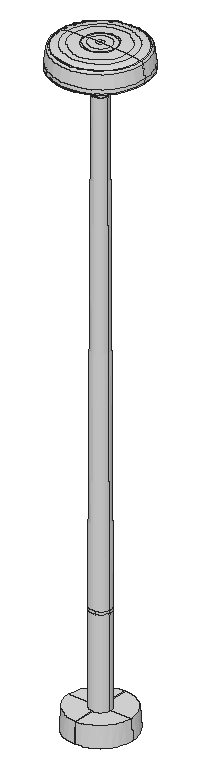
Revit family "Landscape-Forms_Motive_Area-Light", category Lighting Fixtures, Revit 2021
Family settings
  Round Connector Dimension = Use Diameter
  Part Type = Normal
  OmniClass Number = 23.80.70.14.21
  OmniClass Title = Street and Roadway Lighting
  Work Plane-Based = No
  Always vertical = Yes
  Cut with Voids When Loaded = No
  Light Source = Yes
  Shared = No
  Room Calculation Point = No
Parameters (values of type "10'")
  Wattage = 31.7017 W
  built-in parameter 1150110 = 1 (stored number, unit not read)
  URL = "https://www.landscapeforms.com/en-US/product/Pages/Motive-Area-Light.aspx"
  built-in parameter 1114217 = 1 (stored number, unit not read)
  Tilt Angle = 90.00°  # constant formula
  built-in parameter 1150109 = 1 (stored number, unit not read)
  built-in parameter 1150134 = 12
  TWIST-LOCK [instance] = no
  built-in parameter 1150113 = 1 (stored number, unit not read)
  Photometric Web File = "LF_Motive_Area_AJ500-LB-80F.ies"
  Model = "AJ500-10"
  Manufacturer = "Landscape Forms"
  built-in parameter 1150105 = 197.91 (stored number, unit not read)
  Lumens = 2487 lm
  built-in parameter 1150115 = 1 (stored number, unit not read)
  Load Classification = Lighting - Exterior
  built-in parameter 1150137 = (empty or 0)
  built-in parameter 1150139 = (empty or 0)
  built-in parameter 1150112 = 1 (stored number, unit not read)
  built-in parameter 1150114 = 1 (stored number, unit not read)
  built-in parameter 1150132 = 2
  built-in parameter 1150102 = (empty or 0)
  built-in parameter 1150107 = 4000 (stored number, unit not read)
  built-in parameter 1150138 = (empty or 0)
  built-in parameter 1150106 = 1.9791 (stored number, unit not read)
  Emit from Circle Diameter = 1' - 0"  # constant formula
  Emit Shape Visible in Rendering = no
  built-in parameter 1150104 = 7.2882 (stored number, unit not read)
  Dimming Lamp Color Temperature Shift = <None>
  Diffuser Lens = LANDSCAPE FORMS - DIFFUSER - ILLUMINATED - LED
  Description = "Motive Area Light, 10 ft."
  Voltage = 120 V
  Number of Poles = 1
  Default Elevation = 0' - 0"
  Color Filter = 16777215
  COVER PLATE [instance] = yes
  built-in parameter 1114218 = 1 (stored number, unit not read)
  built-in parameter 1150133 = 10 (stored number, unit not read)
  Assembly Code = "D5020280"
  Height = 10' - 0"
  Lamp = "LED Cartridge"
  Luminaire Powdercoat [instance] = LANDSCAPE FORMS - POWDERCOATED METAL - NEUTRAL SERIES (SILVER METALLIC)
  Pole Powdercoat [instance] = LANDSCAPE FORMS - POWDERCOATED METAL - NEUTRAL SERIES (SILVER METALLIC)
  Wattage Comments = "31.7"
  Apparent Load = 0 VA  # constant formula
Types (3): name | Description | COVER PLATE | Height
  (no name) | "Motive Area Light, 10 ft." | yes | 10' - 0"
  10' | "Motive Area Light, 10 ft." | yes | 10' - 0"
  12' | "Motive Area Light, 12 ft." | no | 12' - 0"
Reference planes (in)
  plane 1 "Light Source Axis FB": y = 0
  plane 2: z = 0
  plane 3 "POLE": x = 0
  plane 4 "LIGHT SOURCE": z = 120
  plane 5: z = 3
  plane 6: z = 0.75
  plane 7: y = 4.80951
  plane 8: y = -4.80951
  plane 9: z = 2.80866
  plane 10: z = 4
  plane 11: z = 22
  plane 12: z = 120.2284
  plane 13: z = 115.3302
  plane 14: z = 115.49107
  plane 15: z = 120.57187
  plane 16: z = 120.68987
  plane 17: z = 124.6684
  plane 18: z = 119.9552
  plane 19: z = 120.1552
  plane 20: z = 120.39476
  plane 21: z = 120.27676
  plane 22: x = -9.01595
  plane 23: x = 9.01595
  plane 24: x = -2
  plane 25: x = 2
Forms (in)
  Extrusion 1, solid, material "LANDSCAPE FORMS - POWDERCOATED METAL - NEUTRAL SERIES (SILVER METALLIC)" <- "Pole Powdercoat"
    sketch origin (0, 0, 120) x (0, -1, 0) y (1, 0, 0)
      loop
        arc (-1.95577, -3.90031) -> (-2.33181, -4.16705) -> (-2.77488, -4.29448) r 1.375
        line (-2.77488, -4.29448) -> (-2.74268, -4.32669)
        arc (-2.74268, -4.32669) -> (-2.7224, -4.34024) -> (-2.69801, -4.34547) r 0.0625
        line (-2.69801, -4.34547) -> (2.69848, -4.34499)
        arc (2.69848, -4.34499) -> (2.7224, -4.34024) -> (2.74268, -4.32669) r 0.0625
        line (2.74268, -4.32669) -> (2.77488, -4.29448)
        arc (2.77488, -4.29448) -> (2.33181, -4.16705) -> (1.95577, -3.90031) r 1.375
        line (1.95577, -3.90031) -> (0, -1.94454) -> (-1.95577, -3.90031)
      loop
        line (-1.94454, 0) -> (-3.90031, 1.95577)
        arc (-3.90031, 1.95577) -> (-4.16705, 2.33181) -> (-4.29448, 2.77488) r 1.375
        line (-4.29448, 2.77488) -> (-4.32716, 2.7422)
        arc (-4.32716, 2.7422) -> (-4.34071, 2.72193) -> (-4.34547, 2.69801) r 0.0625
        line (-4.34547, 2.69801) -> (-4.34547, -2.69801)
        arc (-4.34547, -2.69801) -> (-4.34071, -2.72193) -> (-4.32716, -2.7422) r 0.0625
        line (-4.32716, -2.7422) -> (-4.29448, -2.77488)
        arc (-4.29448, -2.77488) -> (-4.16705, -2.33181) -> (-3.90031, -1.95577) r 1.375
        line (-3.90031, -1.95577) -> (-1.94454, 0)
      loop
        line (1.94454, 0) -> (3.90031, -1.95577)
        arc (3.90031, -1.95577) -> (4.16705, -2.33181) -> (4.29448, -2.77488) r 1.375
        line (4.29448, -2.77488) -> (4.32716, -2.7422)
        arc (4.32716, -2.7422) -> (4.34071, -2.72193) -> (4.34547, -2.69801) r 0.0625
        line (4.34547, -2.69801) -> (4.34547, 2.69801)
        arc (4.34547, 2.69801) -> (4.34071, 2.72193) -> (4.32716, 2.7422) r 0.0625
        line (4.32716, 2.7422) -> (4.29448, 2.77488)
        arc (4.29448, 2.77488) -> (4.16705, 2.33181) -> (3.90031, 1.95577) r 1.375
        line (3.90031, 1.95577) -> (1.94454, 0)
      loop
        arc (1.95577, 3.90031) -> (2.33181, 4.16705) -> (2.77488, 4.29448) r 1.375
        line (2.77488, 4.29448) -> (2.74268, 4.32669)
        arc (2.74268, 4.32669) -> (2.7224, 4.34024) -> (2.69801, 4.34547) r 0.0625
        line (2.69801, 4.34547) -> (-2.69848, 4.34499)
        arc (-2.69848, 4.34499) -> (-2.7224, 4.34024) -> (-2.74268, 4.32669) r 0.0625
        line (-2.74268, 4.32669) -> (-2.77488, 4.29448)
        arc (-2.77488, 4.29448) -> (-2.33181, 4.16705) -> (-1.95577, 3.90031) r 1.375
        line (-1.95577, 3.90031) -> (0, 1.94454) -> (1.95577, 3.90031)
    from -120 to -119.25
  Sweep 2, void
    path origin (0, 0, 2.79688) x (1, 0, 0) y (0, 1, 0)
      loop
        line (1.94454, 0) -> (3.90031, 1.95577)
        arc (3.90031, 1.95577) -> (3.90031, 3.90031) -> (1.95577, 3.90031) r 1.375
        line (1.95577, 3.90031) -> (0, 1.94454)
    profile origin (2.92243, 0.97788, 2.79688) x (-0.707107, 0.707107, 0) y (0, 0, 1)
      loop
        arc (1.25, 0) -> (-0.88388, 0.88388) -> (0, -1.25) r 1.25
        arc (0, -1.25) -> (0.36612, -0.36612) -> (1.25, 0) r 1.25
  Sweep 3, void
    path origin (0, 0, 2.79688) x (1, 0, 0) y (0, 1, 0)
      loop
        line (-1.94454, 0) -> (-3.90031, 1.95577)
        arc (-3.90031, 1.95577) -> (-3.90031, 3.90031) -> (-1.95577, 3.90031) r 1.375
        line (-1.95577, 3.90031) -> (0, 1.94454)
    profile origin (-2.92243, 0.97788, 2.79688) x (-0.707107, -0.707107, 0) y (0, 0, 1)
      loop
        arc (-1.25, 0) -> (-0.36612, -0.36612) -> (0, -1.25) r 1.25
        arc (0, -1.25) -> (0.88388, 0.88388) -> (-1.25, 0) r 1.25
  Sweep 4, void
    path origin (0, 0, 2.79688) x (1, 0, 0) y (0, 1, 0)
      loop
        line (-1.94454, 0) -> (-3.90031, -1.95577)
        arc (-3.90031, -1.95577) -> (-3.90031, -3.90031) -> (-1.95577, -3.90031) r 1.375
        line (-1.95577, -3.90031) -> (0, -1.94454)
    profile origin (-2.92243, -0.97788, 2.79688) x (0.707107, -0.707107, 0) y (0, 0, 1)
      loop
        arc (1.25, 0) -> (-0.88388, 0.88388) -> (0, -1.25) r 1.25
        arc (0, -1.25) -> (0.36612, -0.36612) -> (1.25, 0) r 1.25
  Sweep 5, void
    path origin (0, 0, 2.79688) x (1, 0, 0) y (0, 1, 0)
      loop
        line (1.94454, 0) -> (3.90031, -1.95577)
        arc (3.90031, -1.95577) -> (3.90031, -3.90031) -> (1.95577, -3.90031) r 1.375
        line (1.95577, -3.90031) -> (0, -1.94454)
    profile origin (2.92243, -0.97788, 2.79688) x (0.707107, 0.707107, 0) y (0, 0, 1)
      loop
        arc (-1.25, 0) -> (-0.36612, -0.36612) -> (0, -1.25) r 1.25
        arc (0, -1.25) -> (0.88388, 0.88388) -> (-1.25, 0) r 1.25
  Revolve 6, solid, material "LANDSCAPE FORMS - POWDERCOATED METAL - NEUTRAL SERIES (SILVER METALLIC)" <- "Pole Powdercoat"
    sketch origin (0, 0, 0) x (1, 0, 0) y (0, 0, 1)
      loop
        line (-2, 3) -> (-2.375, 3) -> (-2.375, 0.75) -> (-2, 0.75) -> (-2, 3)
      axis (0, 3) -> (0, 0.75)
    angle from 0 to 360
  Blend 7, solid, material "LANDSCAPE FORMS - POWDERCOATED METAL - NEUTRAL SERIES (SILVER METALLIC)" <- "Pole Powdercoat"
    base sketch origin (0, 0, 0) x (0, 1, 0) y (-1, 0, 0)
      loop
        line (0, 1.94454) -> (2.4014, 4.34594) -> (2.04785, 4.34594) -> (0, 2.2981) -> (-2.04785, 4.34594) -> (-2.4014, 4.34594) -> (0, 1.94454)
    top sketch origin (0, 0, 0) x (0, 1, 0) y (-1, 0, 0)
      loop
        line (0, 1.94454) -> (0.38048, 2.32502) -> (0.02692, 2.32502) -> (0, 2.2981) -> (-0.02692, 2.32502) -> (-0.38048, 2.32502) -> (0, 1.94454)
    from 0.75 to 2.80866
  Extrusion 8, solid, material "LANDSCAPE FORMS - POWDERCOATED METAL - NEUTRAL SERIES (SILVER METALLIC)" <- "Pole Powdercoat"
    sketch origin (0, 0, 0) x (1, 0, 0) y (0, 1, 0)
      loop
        line (-1.94454, 0) -> (0, 1.94454) -> (-1.95577, 3.90031)
        arc (-1.95577, 3.90031) -> (-3.90031, 3.90031) -> (-3.90031, 1.95577) r 1.375
        line (-3.90031, 1.95577) -> (-1.94454, 0)
    from 0 to 2.79688
  Extrusion 9, solid, material "LANDSCAPE FORMS - POWDERCOATED METAL - NEUTRAL SERIES (SILVER METALLIC)" <- "Pole Powdercoat"
    sketch origin (0, 0, 0) x (1, 0, 0) y (0, 1, 0)
      loop
        line (1.94454, 0) -> (3.90031, 1.95577)
        arc (3.90031, 1.95577) -> (3.90031, 3.90031) -> (1.95577, 3.90031) r 1.375
        line (1.95577, 3.90031) -> (0, 1.94454) -> (1.94454, 0)
    from 0 to 2.79688
  Extrusion 10, solid, material "LANDSCAPE FORMS - POWDERCOATED METAL - NEUTRAL SERIES (SILVER METALLIC)" <- "Pole Powdercoat"
    sketch origin (0, 0, 0) x (1, 0, 0) y (0, 1, 0)
      loop
        line (-1.94454, 0) -> (-3.90031, -1.95577)
        arc (-3.90031, -1.95577) -> (-3.90031, -3.90031) -> (-1.95577, -3.90031) r 1.375
        line (-1.95577, -3.90031) -> (0, -1.94454) -> (-1.94454, 0)
    from 0 to 2.79688
  Extrusion 11, solid, material "LANDSCAPE FORMS - POWDERCOATED METAL - NEUTRAL SERIES (SILVER METALLIC)" <- "Pole Powdercoat"
    sketch origin (0, 0, 0) x (1, 0, 0) y (0, 1, 0)
      loop
        line (1.94454, 0) -> (0, -1.94454) -> (1.95577, -3.90031)
        arc (1.95577, -3.90031) -> (3.90031, -3.90031) -> (3.90031, -1.95577) r 1.375
        line (3.90031, -1.95577) -> (1.94454, 0)
    from 0 to 2.79688
  Revolve 12, solid, material "LANDSCAPE FORMS - POWDERCOATED METAL - NEUTRAL SERIES (SILVER METALLIC)" <- "Pole Powdercoat", visible <- "COVER PLATE"
    sketch origin (0, 0, 0) x (1, 0, 0) y (0, 0, 1)
      loop
        line (-2, 4) -> (-6.29037, 4) -> (-6.5, 0) -> (-6.24966, 0) -> (-6.05313, 3.75) -> (-2, 3.75) -> (-2, 4)
      axis (0, 4) -> (0, 0)
    angle from 0 to 360
  Extrusion 13, void
    sketch origin (0, 0, 120) x (0, -1, 0) y (1, 0, 0)
      loop
        line (-8.58556, -0.03125) -> (8.29433, -0.03125) -> (8.29433, 0.03125) -> (-8.58556, 0.03125) -> (-8.58556, -0.03125)
    from -120 to -116
  Blend 14, solid, material "LANDSCAPE FORMS - POWDERCOATED METAL - NEUTRAL SERIES (SILVER METALLIC)" <- "Pole Powdercoat"
    base sketch origin (0, 0, 0) x (0, 1, 0) y (-1, 0, 0)
      loop
        line (0, -1.94454) -> (-2.4014, -4.34594) -> (-2.04785, -4.34594) -> (0, -2.2981) -> (2.04785, -4.34594) -> (2.4014, -4.34594) -> (0, -1.94454)
    top sketch origin (0, 0, 0) x (0, 1, 0) y (-1, 0, 0)
      loop
        line (0, -1.94454) -> (-0.38048, -2.32502) -> (-0.02692, -2.32502) -> (0, -2.2981) -> (0.02692, -2.32502) -> (0.38048, -2.32502) -> (0, -1.94454)
    from 0.75 to 2.80866
  Blend 15, solid, material "LANDSCAPE FORMS - POWDERCOATED METAL - NEUTRAL SERIES (SILVER METALLIC)" <- "Pole Powdercoat"
    base sketch origin (0, 0, 0) x (-1, 0, 0) y (0, -1, 0)
      loop
        line (0, 1.94454) -> (2.4014, 4.34594) -> (2.04785, 4.34594) -> (0, 2.2981) -> (-2.04785, 4.34594) -> (-2.4014, 4.34594) -> (0, 1.94454)
    top sketch origin (0, 0, 0) x (-1, 0, 0) y (0, -1, 0)
      loop
        line (0, 1.94454) -> (0.38048, 2.32502) -> (0.02692, 2.32502) -> (0, 2.2981) -> (-0.02692, 2.32502) -> (-0.38048, 2.32502) -> (0, 1.94454)
    from 0.75 to 2.80866
  Blend 16, solid, material "LANDSCAPE FORMS - POWDERCOATED METAL - NEUTRAL SERIES (SILVER METALLIC)" <- "Pole Powdercoat"
    base sketch origin (0, 0, 0) x (-1, 0, 0) y (0, -1, 0)
      loop
        line (0, -1.94454) -> (-2.4014, -4.34594) -> (-2.04785, -4.34594) -> (0, -2.2981) -> (2.04785, -4.34594) -> (2.4014, -4.34594) -> (0, -1.94454)
    top sketch origin (0, 0, 0) x (-1, 0, 0) y (0, -1, 0)
      loop
        line (0, -1.94454) -> (-0.38048, -2.32502) -> (-0.02692, -2.32502) -> (0, -2.2981) -> (0.02692, -2.32502) -> (0.38048, -2.32502) -> (0, -1.94454)
    from 0.75 to 2.80866
  Revolve 17, solid, material "LANDSCAPE FORMS - POWDERCOATED METAL - NEUTRAL SERIES (SILVER METALLIC)" <- "Pole Powdercoat"
    sketch origin (0, 0, 0) x (1, 0, 0) y (0, 0, 1)
      loop
        line (0, 115.3302) -> (-1.5, 115.3302) -> (-1.99845, 22.28929)
        arc (-1.99845, 22.28929) -> (-1.99961, 22) -> (-2, 21.71071) r 108
        line (-2, 21.71071) -> (-2, 0) -> (0, 0) -> (0, 115.3302)
      axis (0, 115.3302) -> (0, 0)
    angle from 0 to 360
  Revolve 18, solid, material "LANDSCAPE FORMS - POWDERCOATED METAL - NEUTRAL SERIES (SILVER METALLIC)" <- "Luminaire Powdercoat"
    sketch origin (0, 0, 0) x (1, 0, 0) y (0, 0, 1)
      loop
        line (-1.34573, 115.3302) -> (0, 115.3302) -> (0, 120.1552) -> (-5.01999, 120.1552) -> (-5.21999, 119.9552) -> (-4.21215, 119.75107)
        arc (-4.21215, 119.75107) -> (-3.62167, 119.61059) -> (-3.04199, 119.43063) r 9
        line (-3.04199, 119.43063) -> (-2.65777, 119.29699)
        arc (-2.65777, 119.29699) -> (-1.87965, 118.72101) -> (-1.56718, 117.80472) r 1.625
        line (-1.56718, 117.80472) -> (-1.50659, 115.49107) -> (-1.34573, 115.3302)
      axis (0, 120.1552) -> (0, 115.3302)
    angle from 0 to 360
  Revolve 19, solid, material "LANDSCAPE FORMS - POWDERCOATED METAL - NEUTRAL SERIES (SILVER METALLIC)" <- "Luminaire Powdercoat"
    sketch origin (0, 0, 0) x (1, 0, 0) y (0, 0, 1)
      loop
        line (-8.76595, 120.2284) -> (-8.76595, 120.40335)
        arc (-8.76595, 120.40335) -> (-8.75398, 120.7403) -> (-8.71815, 121.07555) r 4.75
        line (-8.71815, 121.07555) -> (-8.35969, 123.58307)
        arc (-8.35969, 123.58307) -> (-8.3017, 123.71076) -> (-8.18408, 123.78714) r 0.25
        line (-8.18408, 123.78714) -> (-7.96661, 123.85241)
        arc (-7.96661, 123.85241) -> (-7.2758, 124.02067) -> (-6.57112, 124.11533) r 6.75
        line (-6.57112, 124.11533) -> (-5.41492, 124.209)
        arc (-5.41492, 124.209) -> (-4.32019, 124.28927) -> (-3.22436, 124.35278) r 71.75
        line (-3.22436, 124.35278) -> (-3.00846, 124.36364)
        arc (-3.00846, 124.36364) -> (-2.60684, 124.38043) -> (-2.20499, 124.39042) r 23.75
        line (-2.20499, 124.39042) -> (-0.69258, 124.41521)
        arc (-0.69258, 124.41521) -> (-0.49794, 124.4176) -> (-0.3033, 124.4184) r 23.75
        line (-0.3033, 124.4184) -> (0, 124.4184) -> (0, 124.6684) -> (-0.3033, 124.6684)
        arc (-0.3033, 124.6684) -> (-0.49999, 124.66759) -> (-0.69668, 124.66518) r 24
        line (-0.69668, 124.66518) -> (-2.20909, 124.64038)
        arc (-2.20909, 124.64038) -> (-2.61517, 124.63029) -> (-3.02102, 124.61332) r 24
        line (-3.02102, 124.61332) -> (-3.23692, 124.60247)
        arc (-3.23692, 124.60247) -> (-4.33657, 124.53873) -> (-5.43511, 124.45819) r 72
        line (-5.43511, 124.45819) -> (-6.5913, 124.36452)
        arc (-6.5913, 124.36452) -> (-7.32209, 124.26635) -> (-8.03849, 124.09186) r 7
        line (-8.03849, 124.09186) -> (-8.25595, 124.02658)
        arc (-8.25595, 124.02658) -> (-8.49119, 123.87383) -> (-8.60717, 123.61845) r 0.5
        line (-8.60717, 123.61845) -> (-8.96563, 121.11092)
        arc (-8.96563, 121.11092) -> (-9.00335, 120.75803) -> (-9.01595, 120.40335) r 5
        line (-9.01595, 120.40335) -> (-9.01595, 120.2284) -> (-8.76595, 120.2284)
      axis (0, 124.6684) -> (0, 120.2284)
    angle from 0 to 360
  Revolve 20, solid, material "LANDSCAPE FORMS - DIFFUSER - ILLUMINATED - LED" <- "Diffuser Lens"
    sketch origin (0, 0, 0) x (1, 0, 0) y (0, 0, 1)
      loop
        line (-8.75731, 120.68987) -> (-8.76253, 120.57187) -> (-8.37958, 120.57187) -> (-5.33911, 119.98653) -> (-5.04888, 120.27676) -> (0, 120.27676) -> (0, 120.39476) -> (-5.09776, 120.39476) -> (-5.37827, 120.11424) -> (-8.36829, 120.68987) -> (-8.75731, 120.68987)
      axis (0, 120.68987) -> (0, 119.98653)
    angle from 0 to 360
  Revolve 21, solid, material "LANDSCAPE FORMS - POWDERCOATED METAL - NEUTRAL SERIES (SILVER METALLIC)" <- "Luminaire Powdercoat", visible <- "TWIST-LOCK"
    sketch origin (0, 0, 0) x (1, 0, 0) y (0, 0, 1)
      loop
        line (-1.25, 124.6684) -> (0, 124.6684) -> (0, 125.5434) -> (-1.125, 125.5434) -> (-1.25, 125.4184) -> (-1.625, 125.4184) -> (-1.625, 125.0434) -> (-1.25, 125.0434) -> (-1.25, 124.6684)
      axis (0, 124.6684) -> (0, 125.5434)
    angle from 0 to 360
Cuts and joins
  Sweep 3 cuts Extrusion 8
  Sweep 2 cuts Extrusion 9
  Sweep 4 cuts Extrusion 10
  Sweep 5 cuts Extrusion 11
  joined: Extrusion 1, Revolve 6, Blend 7, Extrusion 8, Extrusion 9, Extrusion 10, Extrusion 11, Blend 14, Blend 15, Blend 16
  Extrusion 13 cuts Revolve 12
Dimensions and locks (in)
  locked: plane 2 to level
  "Height": plane 4 "LIGHT SOURCE" to plane 2
  locked: imposter light to plane 4 "LIGHT SOURCE" at 3
  locked: imposter light to plane 1 "Light Source Axis FB"
  locked: plane 5 to plane 2 at 3
  locked: plane 6 to plane 2 at 0.75
  locked: plane 8 to plane 7 at 9.61902
  locked: plane 5 to plane 9 at 0.19134
  plane 10 to plane 2 = 0' - 4"
  Extrusion 13 sketch curve to Extrusion 13 sketch curve = 0' - 0 1/16"
  Extrusion 13 sketch curve to Extrusion 13 sketch curve = 1' - 4.87989"
  locked: plane 12 to plane 4 "LIGHT SOURCE" at 0.2284
  locked: plane 11 to plane 2 at 22
  plane 20 to plane 21 to plane 19 to plane 4 "LIGHT SOURCE" to plane 18 = 0' - 0.118" locked, 0' - 0.12156" locked, 0' - 0.1552" locked, 0' - 0.0448" locked
  locked: plane 17 to plane 12 at 4.44
  locked: plane 17 to plane 14 at 9.17733
  locked: plane 14 to plane 13 at 0.16086
  plane 22 to plane 3 "POLE" to plane 23 = 0' - 9.01595" locked, 0' - 9.01595" locked
  plane 16 to plane 15 to plane 20 = 0' - 0.118" locked, 0' - 0.17711" locked
  locked: imposter light to plane 3 "POLE"
  Revolve 21 sketch curve to Revolve 21 sketch curve to Revolve 21 sketch curve to plane 3 "POLE" = 0' - 0 3/8" locked, 0' - 0 1/8" locked, 0' - 1 1/8" locked
  Revolve 21 sketch curve to Revolve 21 sketch curve to Revolve 21 sketch curve to plane 17 = 0' - 0 1/8" locked, 0' - 0 3/8" locked, 0' - 0 3/8" locked
  aligned and locked: Extrusion 1 to level
  aligned and locked: Extrusion 1 to plane 6
  aligned and locked: Revolve 6 sketch curve to plane 3 "POLE"
  aligned and locked: Revolve 6 sketch curve to plane 6
  aligned and locked: plane 10 to Extrusion 13
  aligned and locked: Extrusion 13 to plane 2
  aligned and locked: Revolve 17 sketch curve to plane 3 "POLE"  (x2)
  aligned and locked: Revolve 17 sketch curve to plane 13
  aligned and locked: Revolve 18 sketch curve to plane 3 "POLE"  (x2)
  aligned and locked: Revolve 18 sketch curve to plane 13
  aligned and locked: Revolve 18 sketch curve to plane 19
  aligned and locked: Revolve 17 sketch curve to plane 24
  aligned and locked: Revolve 17 sketch curve to plane 2
  aligned and locked: Revolve 19 sketch curve to plane 3 "POLE"  (x2)
  aligned and locked: Revolve 19 sketch curve to plane 22
  aligned and locked: Revolve 19 sketch curve to plane 17
  aligned and locked: Revolve 19 sketch curve to plane 12
  aligned and locked: Revolve 20 sketch curve to plane 3 "POLE"  (x2)
  aligned and locked: Revolve 20 sketch curve to plane 16
  aligned and locked: Revolve 20 sketch curve to plane 15
  aligned and locked: Revolve 20 sketch curve to plane 21
  aligned and locked: Revolve 20 sketch curve to plane 20
  aligned and locked: Revolve 21 sketch curve to imposter light
  aligned and locked: Revolve 21 sketch curve to plane 3 "POLE"
  aligned and locked: Revolve 21 sketch curve to plane 17
Automatic sketch dimensions
  Extrusion 1 sketch curve to Extrusion 1 sketch curve = 0' - 0"  (x10)
  Extrusion 1 sketch curve to plane 3 "POLE" = 0' - 0"  (x2)
  plane 1 "Light Source Axis FB" to Extrusion 1 sketch curve = 0' - 0"  (x2)
  Extrusion 1 sketch curve to plane 1 "Light Source Axis FB" = 0' - 1.94454"
  Extrusion 1 sketch curve to plane 1 "Light Source Axis FB" = 0' - 1.95577"  (x2)
  Extrusion 1 sketch curve to Extrusion 1 sketch curve = 0' - 0.74272"  (x4)
  Extrusion 1 sketch curve to Extrusion 1 sketch curve = 0' - 0.04419"  (x8)
  Extrusion 1 sketch curve to Extrusion 1 sketch curve = 0' - 0.03221"  (x4)
  Extrusion 1 sketch curve to Extrusion 1 sketch curve = 0' - 0.22956"  (x4)
  Extrusion 1 sketch curve to plane 7 = 0' - 0.9092"  (x2)
  Extrusion 1 sketch curve to plane 7 = 0' - 0.52654"  (x2)
  Extrusion 1 sketch curve to Extrusion 1 sketch curve = 0' - 0.01151"  (x4)
  Extrusion 1 sketch curve to Extrusion 1 sketch curve = 0' - 0.03268"  (x6)
  Extrusion 1 sketch curve to Extrusion 1 sketch curve = 0' - 0.01831"  (x2)
  plane 1 "Light Source Axis FB" to Extrusion 1 sketch curve = 0' - 1.94454"
  plane 1 "Light Source Axis FB" to Extrusion 1 sketch curve = 0' - 1.95577"  (x2)
  Extrusion 1 sketch curve to plane 8 = 0' - 0.9092"  (x2)
  Extrusion 1 sketch curve to plane 8 = 0' - 0.52654"  (x2)
  Extrusion 1 sketch curve to Extrusion 1 sketch curve = 0' - 0.15316"  (x2)
  Extrusion 1 sketch curve to Extrusion 1 sketch curve = 0' - 0.07687"  (x2)
  Extrusion 1 sketch curve to Extrusion 1 sketch curve = 0' - 0.00047"  (x6)
  Sweep 2 sketch curve to Extrusion 9 = 0' - 0"  (x3)
  Extrusion 9 to Sweep 2 sketch curve = 0' - 0"
  Sweep 2 sketch curve to Sweep 2 sketch curve = 0' - 0.97227"  (x2)
  Sweep 2 sketch curve to profile plane = 0' - 0"
  profile plane to Sweep 2 sketch curve = 0' - 0"
  Sweep 2 sketch curve to profile plane = 0' - 1 1/4"
  Extrusion 8 to Sweep 3 sketch curve = 0' - 0"  (x2)
  Sweep 3 sketch curve to Extrusion 8 = 0' - 0"  (x2)
  Sweep 3 sketch curve to Sweep 3 sketch curve = 0' - 0.97227"  (x2)
  profile plane to Sweep 3 sketch curve = 0' - 0"
  Sweep 3 sketch curve to profile plane = 0' - 0"
  Sweep 3 sketch curve to Sweep 3 sketch curve = 0' - 1 1/4"
  Sweep 4 sketch curve to Extrusion 10 = 0' - 0"  (x3)
  Extrusion 10 to Sweep 4 sketch curve = 0' - 0"
  Sweep 4 sketch curve to Sweep 4 sketch curve = 0' - 0.97227"  (x2)
  Sweep 4 sketch curve to profile plane = 0' - 0"  (x2)
  Sweep 4 sketch curve to Sweep 4 sketch curve = 0' - 1 1/4"
  Sweep 5 sketch curve to Extrusion 11 = 0' - 0"  (x4)
  Sweep 5 sketch curve to Sweep 5 sketch curve = 0' - 0.97227"  (x2)
  Sweep 5 sketch curve to profile plane = 0' - 0"  (x2)
  profile plane to Sweep 5 sketch curve = 0' - 1 1/4"
  Revolve 6 sketch curve to plane 5 = 0' - 0"
  Revolve 6 sketch curve to plane 3 "POLE" = 0' - 2"
  Revolve 6 sketch curve to Revolve 6 sketch curve = 0' - 0 3/8"
  Revolve 6 sketch curve to level = 1' - 0"
  Revolve 6 sketch curve to plane 12 = 3' - 11.35566"
  plane 1 "Light Source Axis FB" to Blend 7 sketch curve = 0' - 0"  (x4)
  plane 1 "Light Source Axis FB" to Blend 7 sketch curve = 0' - 2.04785"
  Blend 7 sketch curve to Blend 7 sketch curve = 0' - 0.35355"  (x4)
  Blend 7 sketch curve to plane 1 "Light Source Axis FB" = 0' - 2.04785"
  plane 1 "Light Source Axis FB" to Blend 7 sketch curve = 0' - 0.02692"
  Blend 7 sketch curve to plane 1 "Light Source Axis FB" = 0' - 0.02692"
  Blend 7 sketch curve to plane 3 "POLE" = 0' - 1.94454"  (x2)
  Blend 7 sketch curve to Blend 7 sketch curve = 0' - 0.02692"
  plane 1 "Light Source Axis FB" to Extrusion 8 sketch curve = 0' - 0"
  Extrusion 8 sketch curve to plane 3 "POLE" = 0' - 0"
  Extrusion 8 sketch curve to plane 3 "POLE" = 0' - 1.94454"
  Extrusion 8 sketch curve to plane 7 = 0' - 0.9092"
  Extrusion 8 sketch curve to plane 3 "POLE" = 0' - 1.95577"
  Extrusion 8 sketch curve to Extrusion 8 sketch curve = 0' - 0.97227"
  Extrusion 9 sketch curve to plane 3 "POLE" = 0' - 0"
  plane 1 "Light Source Axis FB" to Extrusion 9 sketch curve = 0' - 0"
  plane 3 "POLE" to Extrusion 9 sketch curve = 0' - 1.94454"
  Extrusion 9 sketch curve to plane 7 = 0' - 0.9092"
  plane 3 "POLE" to Extrusion 9 sketch curve = 0' - 1.95577"
  Extrusion 9 sketch curve to Extrusion 9 sketch curve = 0' - 0.97227"
  plane 1 "Light Source Axis FB" to Extrusion 10 sketch curve = 0' - 0"
  Extrusion 10 sketch curve to plane 3 "POLE" = 0' - 0"
  Extrusion 10 sketch curve to plane 3 "POLE" = 0' - 1.94454"
  Extrusion 10 sketch curve to plane 8 = 0' - 0.9092"
  Extrusion 10 sketch curve to plane 3 "POLE" = 0' - 1.95577"
  Extrusion 10 sketch curve to Extrusion 10 sketch curve = 0' - 0.97227"
  Extrusion 11 sketch curve to plane 3 "POLE" = 0' - 0"
  plane 1 "Light Source Axis FB" to Extrusion 11 sketch curve = 0' - 0"
  plane 3 "POLE" to Extrusion 11 sketch curve = 0' - 1.94454"
  Extrusion 11 sketch curve to plane 8 = 0' - 0.9092"
  plane 3 "POLE" to Extrusion 11 sketch curve = 0' - 1.95577"
  Extrusion 11 sketch curve to Extrusion 11 sketch curve = 0' - 0.97227"
  Revolve 12 sketch curve to level = 0' - 0"
  Revolve 12 sketch curve to plane 10 = 0' - 0"
  Revolve 12 sketch curve to plane 3 "POLE" = 0' - 0"
  Revolve 12 sketch curve to plane 10 = 0' - 0 1/4"
  Revolve 12 sketch curve to Revolve 12 sketch curve = 0' - 0.23724"
  Revolve 12 sketch curve to Revolve 12 sketch curve = 0' - 0.25034"
  Revolve 12 sketch curve to level = 1' - 0"
  Revolve 12 sketch curve to plane 12 = 3' - 11.35566"
  plane 3 "POLE" to Extrusion 13 sketch curve = 0' - 0 1/32"
  plane 7 to Extrusion 13 sketch curve = 0' - 3.77605"
  plane 1 "Light Source Axis FB" to Blend 14 sketch curve = 0' - 0"  (x4)
  plane 1 "Light Source Axis FB" to Blend 14 sketch curve = 0' - 2.04785"
  Blend 14 sketch curve to Blend 14 sketch curve = 0' - 0.35355"  (x4)
  Blend 14 sketch curve to plane 1 "Light Source Axis FB" = 0' - 2.04785"
  plane 1 "Light Source Axis FB" to Blend 14 sketch curve = 0' - 0.02692"
  Blend 14 sketch curve to plane 1 "Light Source Axis FB" = 0' - 0.02692"
  plane 3 "POLE" to Blend 14 sketch curve = 0' - 2.32502"
  Blend 14 sketch curve to Blend 14 sketch curve = 0' - 0"
  Blend 15 sketch curve to plane 3 "POLE" = 0' - 0"  (x4)
  Blend 15 sketch curve to plane 8 = 0' - 0.46356"  (x2)
  plane 3 "POLE" to Blend 15 sketch curve = 0' - 2.04785"
  Blend 15 sketch curve to Blend 15 sketch curve = 0' - 0.35355"  (x4)
  Blend 15 sketch curve to plane 3 "POLE" = 0' - 2.04785"
  plane 3 "POLE" to Blend 15 sketch curve = 0' - 0.02692"
  Blend 15 sketch curve to plane 3 "POLE" = 0' - 0.02692"
  plane 1 "Light Source Axis FB" to Blend 15 sketch curve = 0' - 1.94454"
  Blend 15 sketch curve to Blend 15 sketch curve = 0' - 0.02692"
  Blend 16 sketch curve to plane 3 "POLE" = 0' - 0"  (x4)
  Blend 16 sketch curve to plane 7 = 0' - 0.46356"  (x2)
  plane 3 "POLE" to Blend 16 sketch curve = 0' - 2.04785"
  Blend 16 sketch curve to Blend 16 sketch curve = 0' - 0.35355"  (x4)
  Blend 16 sketch curve to plane 3 "POLE" = 0' - 2.04785"
  plane 3 "POLE" to Blend 16 sketch curve = 0' - 0.02692"
  Blend 16 sketch curve to plane 3 "POLE" = 0' - 0.02692"
  Blend 16 sketch curve to plane 1 "Light Source Axis FB" = 0' - 2.32502"
  Blend 16 sketch curve to Blend 16 sketch curve = 0' - 0"
  Extrusion 1 sketch curve to plane 3 "POLE" = 0' - 1.94454"
  Extrusion 1 sketch curve to plane 3 "POLE" = 0' - 1.95577"  (x2)
  Extrusion 1 sketch curve to Extrusion 1 sketch curve = 0' - 0.97227"  (x2)
  Extrusion 1 sketch curve to Extrusion 1 sketch curve = 0' - 0.01199"  (x3)
  Blend 7 sketch curve to Blend 7 sketch curve = 0' - 2.04785"
  Extrusion 8 sketch curve to plane 1 "Light Source Axis FB" = 0' - 1.95577"
  plane 1 "Light Source Axis FB" to Extrusion 10 sketch curve = 0' - 1.95577"
  Revolve 12 sketch curve to plane 3 "POLE" = 0' - 2"
  Revolve 12 sketch curve to plane 22 = 0' - 2.96282"
  Revolve 12 sketch curve to plane 22 = 0' - 2.76629"
  plane 3 "POLE" to Extrusion 1 sketch curve = 0' - 1.94454"
  Extrusion 1 sketch curve to Extrusion 1 sketch curve = 0' - 0.74224"  (x2)
  Extrusion 1 sketch curve to Extrusion 1 sketch curve = 0' - 0.06297"
  Extrusion 9 sketch curve to plane 1 "Light Source Axis FB" = 0' - 1.95577"
  plane 1 "Light Source Axis FB" to Extrusion 11 sketch curve = 0' - 1.95577"
  plane 3 "POLE" to Blend 14 sketch curve = 0' - 4.34594"  (x2)
  Revolve 18 sketch curve to plane 18 = 0' - 0"
  Revolve 18 sketch curve to plane 14 = 0' - 0"
  Revolve 18 sketch curve to plane 13 = 0' - 0"
  Revolve 18 sketch curve to plane 24 = 0' - 0.65427"
  Revolve 18 sketch curve to Revolve 18 sketch curve = 0' - 0.16086"
  Revolve 18 sketch curve to plane 24 = 0' - 0.43282"
  plane 24 to Revolve 18 sketch curve = 0' - 0.65777"
  Revolve 18 sketch curve to plane 18 = 0' - 0.52456"
  Revolve 18 sketch curve to Revolve 18 sketch curve = 0' - 0.38422"
  plane 24 to Revolve 18 sketch curve = 0' - 1.19162"
  Revolve 18 sketch curve to plane 18 = 0' - 0.20413"
  Revolve 18 sketch curve to Revolve 18 sketch curve = 0' - 1.17016"
  Revolve 18 sketch curve to Revolve 18 sketch curve = 0' - 0.80783"
  Revolve 18 sketch curve to Revolve 18 sketch curve = 0' - 0.20001"
  Revolve 18 sketch curve to plane 22 = 0' - 3.01723"
  Revolve 18 sketch curve to Revolve 18 sketch curve = 0' - 1.66845"
  Revolve 18 sketch curve to Revolve 18 sketch curve = 0' - 0.04254"
  plane 17 to Revolve 18 sketch curve = 5' - 6.91566"
  Revolve 17 sketch curve to plane 24 = 0' - 0.00155"
  Revolve 17 sketch curve to plane 24 = 0' - 0 1/2"
  Revolve 17 sketch curve to plane 11 = 0' - 0.28929"
  plane 11 to Revolve 17 sketch curve = 0' - 0.28929"
  Revolve 17 sketch curve to level = 1' - 0"
  plane 17 to Revolve 17 sketch curve = 5' - 6.91566"
  Revolve 19 sketch curve to Revolve 19 sketch curve = 0' - 0"  (x12)
  Revolve 19 sketch curve to plane 22 = 0' - 0.05032"
  plane 20 to Revolve 19 sketch curve = 0' - 0.0086"
  Revolve 19 sketch curve to plane 22 = 0' - 0 1/4"
  Revolve 19 sketch curve to Revolve 19 sketch curve = 0' - 0.24748"  (x2)
  Revolve 19 sketch curve to plane 22 = 0' - 0.40878"
  Revolve 19 sketch curve to Revolve 19 sketch curve = 0' - 0.10374"
  Revolve 19 sketch curve to Revolve 19 sketch curve = 0' - 0.07187"  (x2)
  Revolve 19 sketch curve to Revolve 19 sketch curve = 0' - 0.21747"  (x2)
  Revolve 19 sketch curve to plane 17 = 0' - 0.30388"
  Revolve 19 sketch curve to Revolve 19 sketch curve = 0' - 1.37531"
  Revolve 19 sketch curve to plane 17 = 0' - 0.55307"
  Revolve 19 sketch curve to Revolve 19 sketch curve = 0' - 0.02019"  (x2)
  Revolve 19 sketch curve to plane 22 = 0' - 2.98991"
  Revolve 19 sketch curve to plane 17 = 0' - 0.21021"
  Revolve 19 sketch curve to Revolve 19 sketch curve = 0' - 1.15619"
  Revolve 19 sketch curve to plane 17 = 0' - 0.4594"
  plane 24 to Revolve 19 sketch curve = 0' - 2.01595"
  Revolve 19 sketch curve to plane 17 = 0' - 0.06593"
  Revolve 19 sketch curve to Revolve 19 sketch curve = 0' - 2.19819"
  Revolve 19 sketch curve to plane 17 = 0' - 0.31562"
  Revolve 19 sketch curve to plane 17 = 0' - 0.05508"
  Revolve 19 sketch curve to Revolve 19 sketch curve = 0' - 0.2159"  (x2)
  Revolve 19 sketch curve to plane 17 = 0' - 0.30476"
  Revolve 19 sketch curve to plane 17 = 0' - 0.02802"
  plane 24 to Revolve 19 sketch curve = 0' - 0.20909"
  plane 24 to Revolve 19 sketch curve = 0' - 0.20499"
  Revolve 19 sketch curve to plane 24 = 0' - 0.18429"
  Revolve 19 sketch curve to plane 17 = 0' - 0.00322"
  Revolve 19 sketch curve to plane 3 "POLE" = 0' - 0.69668"
  Revolve 19 sketch curve to plane 17 = 0' - 0.25319"
  Revolve 19 sketch curve to Revolve 19 sketch curve = 0' - 0.0041"
  Revolve 19 sketch curve to plane 3 "POLE" = 0' - 0.3033"
  plane 3 "POLE" to Revolve 19 sketch curve = 0' - 0.37899"
  plane 14 to Revolve 19 sketch curve = 0' - 1.89631"
  Revolve 19 sketch curve to Revolve 19 sketch curve = 0' - 0.30472"
  Revolve 19 sketch curve to Revolve 19 sketch curve = 0' - 0.03538"  (x2)
  Revolve 19 sketch curve to level = 1' - 0"
  plane 17 to Revolve 19 sketch curve = 3' - 6.91566"
  Revolve 20 sketch curve to plane 22 = 0' - 0.64766"
  Revolve 20 sketch curve to plane 22 = 0' - 0.25342"
  Revolve 20 sketch curve to Revolve 20 sketch curve = 0' - 0.00522"
  plane 4 "LIGHT SOURCE" to Revolve 20 sketch curve = 0' - 0.01347"
  plane 24 to Revolve 20 sketch curve = 0' - 3.33911"
  Revolve 20 sketch curve to Revolve 20 sketch curve = 0' - 0.38295"
  Revolve 20 sketch curve to Revolve 20 sketch curve = 0' - 0.04888"
  Revolve 20 sketch curve to plane 19 = 0' - 0.04096"
  Revolve 20 sketch curve to Revolve 20 sketch curve = 0' - 0.03916"
  Revolve 20 sketch curve to Revolve 20 sketch curve = 0' - 0.28052"
  Revolve 20 sketch curve to level = 1' - 0"
  plane 17 to Revolve 20 sketch curve = 5' - 6.91566"
  Revolve 21 sketch curve to Revolve 21 sketch curve = 0' - 0 1/8"
  Revolve 21 sketch curve to plane 13 = 0' - 4.3302"
  Revolve 21 sketch curve to Revolve 21 sketch curve = 0' - 9.4566"
  radius of Sweep 2 sketch curve to Extrusion 9 = 0' - 0"
  radius of Sweep 3 sketch curve to Extrusion 8 = 0' - 0"
  radius of Sweep 4 sketch curve to Extrusion 10 = 0' - 0"
  radius of Sweep 5 sketch curve to Extrusion 11 = 0' - 0"
